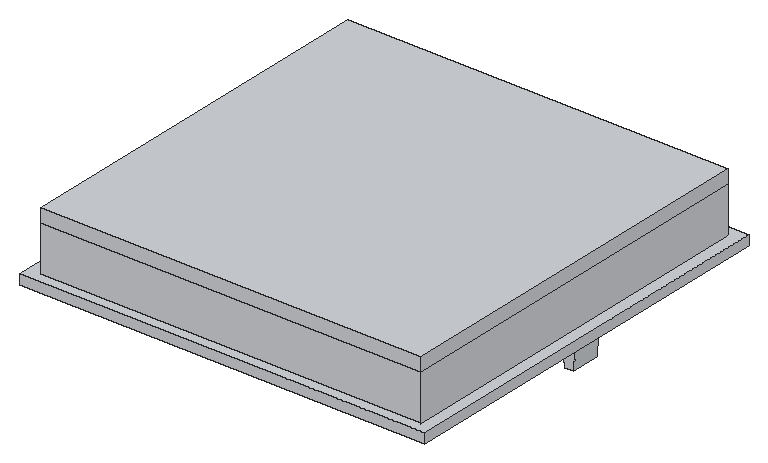
Revit family "Gira_029465", category Electrical Fixtures, host Face, Revit 2017
Family settings
  Host = Face
  Maintain Annotation Orientation = No
  Round Connector Dimension = Use Diameter
  Part Type = Normal
  Cut with Voids When Loaded = No
  Shared = No
  Room Calculation Point = No
Parameters (values of type "Rocker 2-g arrow sym. Gira TX_44 (WP FM) c.alum.")
  With exchangeable lens/symbol = "No"
  URL = "http://katalog.gira.de/en/datenblatt.html?artikelnr=029465"
  Suitable for touch sensor connector for bus system = "No"
  Scannable symbol / barrier free = "No"
  Name = "Rocker 2-g arrow sym. Gira TX_44 (WP FM) c.alum."
  Monitoring window/light outlet = "No"
  Model = "Two-part rocker"
  Manufacturer URL = "https://www.gira.de/"
  Manufacturer = "Gira"
  Keynote = ""
  HeinzeBIM = "https://bimportal.heinze.de/bim/rocker-2-g-arrow-sym-gira-tx-44-wp-fm-c-alum-/eba78bb826779a96ae4756e12260c29aaa245f07"
  HAN = "029465"
  GTIN = "4010337294658"
  Description = "Rock.2g arrow sym. TX_44 CAl,Rocker, 2-gang with arrow symbol,,colour aluminium,"
  Default Elevation = 1219.2 mm
  Data sheet (1) = "https://katalog.gira.de/en/download.html?artikelnr=029465"
  Category = "Control element/cover plate for domestic switching devices"
  BIM (1) = "https://media.stage.bim.site/public/gira/36a6b08/TX44_Abdeckung_Schalten und Tasten.rfa?public/gira/36a6b08/TX44_Abdeckung_Schalten und Tasten.rfa"
  Available = "No"
Reference planes
  plane 1 "Center (Front/Back)": y = 0
  plane 2: z = 0
  plane 3 "Center (Left/Right)": x = 0
Forms (mm)
  Extrusion 1, solid, detail levels fine
    sketch origin (0, 0, 0) x (1, 0, 0) y (0, 1, 0)
      loop
        line (34.85, 34.85) -> (-34.85, 34.85) -> (-34.85, -34.85) -> (34.85, -34.85) -> (34.85, 34.85)
      loop
        line (-31.45, 31.8) -> (-31.45, -31.8) -> (31.45, -31.8) -> (31.45, 31.8) -> (-31.45, 31.8)
    from 0 to 1.7
  Extrusion 2, solid, detail levels fine
    sketch origin (0, 0, 0) x (1, 0, 0) y (0, 1, 0)
      loop
        line (32.8, 33.05) -> (-32.8, 33.05) -> (-32.8, -33.05) -> (32.8, -33.05) -> (32.8, 33.05)
      loop
        line (-31.45, 31.8) -> (-31.45, -31.8) -> (31.45, -31.8) -> (31.45, 31.8) -> (-31.45, 31.8)
    from 1.566 to 9.515
  Extrusion 3, solid, detail levels fine
    sketch origin (0, 0, 0) x (1, 0, 0) y (0, 1, 0)
      loop
        line (32.8, 33.05) -> (-32.8, 33.05) -> (-32.8, -33.05) -> (32.8, -33.05) -> (32.8, 33.05)
    from 9.515 to 11.816
  Extrusion 4, solid, detail levels fine
    sketch origin (0, 0, 0) x (1, 0, 0) y (0, 0, 1)
      loop
        line (-32.815, 0) -> (-34.827, 0) -> (-34.611, -3.084) -> (-33.031, -3.084) -> (-32.815, 0)
      loop
        line (32.815, 0) -> (33.031, -3.084) -> (34.611, -3.084) -> (34.827, 0) -> (32.815, 0)
    from -2.513 to 2.5
  Extrusion 5, solid, detail levels fine
    sketch origin (0, 0, 0) x (1, 0, 0) y (0, 1, 0)
      loop
        spline (-23.686, 23.152) -> (-23.856, 23.114) -> (-24.022, 23.062) -> (-24.184, 22.995) -> (-24.338, 22.915) -> (-24.486, 22.821) -> (-24.624, 22.715) -> (-24.753, 22.597) -> (-24.87, 22.468) -> (-24.977, 22.33) -> (-25.07, 22.183) -> (-25.151, 22.028) -> (-25.218, 21.867)
        line (-25.218, 21.867) -> (-29.35, 10.513) -> (-29.35, -10.487) -> (-25.218, -21.841)
        spline (-25.218, -21.841) -> (-25.151, -22.002) -> (-25.07, -22.156) -> (-24.977, -22.304) -> (-24.87, -22.442) -> (-24.753, -22.571) -> (-24.624, -22.688) -> (-24.486, -22.795) -> (-24.338, -22.888) -> (-24.184, -22.969) -> (-24.022, -23.036) -> (-23.856, -23.088) -> (-23.686, -23.126)
        line (-23.686, -23.126) -> (0, -27.302) -> (23.686, -23.126)
        spline (23.686, -23.126) -> (23.856, -23.088) -> (24.022, -23.036) -> (24.184, -22.969) -> (24.338, -22.888) -> (24.486, -22.795) -> (24.624, -22.688) -> (24.753, -22.571) -> (24.87, -22.442) -> (24.977, -22.304) -> (25.07, -22.156) -> (25.151, -22.002) -> (25.218, -21.841)
        line (25.218, -21.841) -> (29.35, -10.487) -> (29.35, 10.513) -> (25.218, 21.867)
        spline (25.218, 21.867) -> (25.151, 22.028) -> (25.07, 22.183) -> (24.977, 22.33) -> (24.87, 22.468) -> (24.753, 22.597) -> (24.624, 22.715) -> (24.486, 22.821) -> (24.338, 22.915) -> (24.184, 22.995) -> (24.022, 23.062) -> (23.856, 23.114) -> (23.686, 23.152)
        line (23.686, 23.152) -> (0, 27.328) -> (-23.686, 23.152)
      loop
        line (-24.278, 21.525) -> (-28.35, 10.337) -> (-28.35, -10.311) -> (-24.278, -21.498)
        spline (-24.278, -21.498) -> (-24.245, -21.579) -> (-24.204, -21.656) -> (-24.157, -21.73) -> (-24.104, -21.799) -> (-24.045, -21.863) -> (-23.981, -21.922) -> (-23.912, -21.976) -> (-23.838, -22.022) -> (-23.761, -22.063) -> (-23.68, -22.096) -> (-23.597, -22.122) -> (-23.512, -22.141)
        line (-23.512, -22.141) -> (0, -26.287) -> (23.512, -22.141)
        spline (23.512, -22.141) -> (23.597, -22.122) -> (23.68, -22.096) -> (23.761, -22.063) -> (23.838, -22.022) -> (23.912, -21.976) -> (23.981, -21.922) -> (24.045, -21.863) -> (24.104, -21.799) -> (24.157, -21.73) -> (24.204, -21.656) -> (24.245, -21.579) -> (24.278, -21.498)
        line (24.278, -21.498) -> (28.35, -10.311) -> (28.35, 10.337) -> (24.278, 21.525)
        spline (24.278, 21.525) -> (24.245, 21.605) -> (24.204, 21.683) -> (24.157, 21.756) -> (24.104, 21.825) -> (24.045, 21.89) -> (23.981, 21.949) -> (23.912, 22.002) -> (23.838, 22.048) -> (23.761, 22.089) -> (23.68, 22.122) -> (23.597, 22.148) -> (23.512, 22.167)
        line (23.512, 22.167) -> (0, 26.313) -> (-23.512, 22.167)
        spline (-23.512, 22.167) -> (-23.597, 22.148) -> (-23.68, 22.122) -> (-23.761, 22.089) -> (-23.838, 22.048) -> (-23.912, 22.002) -> (-23.981, 21.949) -> (-24.045, 21.89) -> (-24.104, 21.825) -> (-24.157, 21.756) -> (-24.204, 21.683) -> (-24.245, 21.605) -> (-24.278, 21.525)
    from 4.866 to 9.515
  Extrusion 6, solid, detail levels fine
    sketch origin (0, 0, 0) x (1, 0, 0) y (0, 1, 0)
      loop
        arc (0, 8.51) -> (-1.055, 8.223) -> (-1.717, 7.352) r 1.7
        line (-1.717, 7.352) -> (-2.205, 5.894) -> (-2.205, 4.213) -> (-4.36, 4.213)
        arc (-4.36, 4.213) -> (-4.865, 4.091) -> (-5.257, 3.75) r 1.1
        arc (-5.257, 3.75) -> (-6.02, 2.328) -> (-6.406, 0.761) r 6.45
        arc (-6.406, 0.761) -> (-6.7, 0.013) -> (-6.406, -0.735) r 1.1
        arc (-6.406, -0.735) -> (-6.02, -2.302) -> (-5.257, -3.724) r 6.45
        arc (-5.257, -3.724) -> (-4.865, -4.064) -> (-4.36, -4.187) r 1.1
        line (-4.36, -4.187) -> (-2.1, -4.187) -> (-2.1, -5.243)
        arc (-2.1, -5.243) -> (-1.847, -5.944) -> (-1.206, -6.323) r 1.1
        arc (-1.206, -6.323) -> (0, -6.437) -> (1.206, -6.323) r 6.45
        arc (1.206, -6.323) -> (1.847, -5.944) -> (2.1, -5.243) r 1.1
        line (2.1, -5.243) -> (2.1, -4.187) -> (4.36, -4.187)
        arc (4.36, -4.187) -> (4.865, -4.064) -> (5.257, -3.724) r 1.1
        arc (5.257, -3.724) -> (6.02, -2.302) -> (6.406, -0.735) r 6.45
        arc (6.406, -0.735) -> (6.7, 0.013) -> (6.406, 0.761) r 1.1
        arc (6.406, 0.761) -> (6.02, 2.328) -> (5.257, 3.75) r 6.45
        arc (5.257, 3.75) -> (4.865, 4.091) -> (4.36, 4.213) r 1.1
        line (4.36, 4.213) -> (2.205, 4.213) -> (2.205, 5.894) -> (1.717, 7.352)
        arc (1.717, 7.352) -> (1.055, 8.223) -> (0, 8.51) r 1.7
    from -6.834 to 9.515
  Extrusion 7, solid, detail levels coarse
    sketch origin (0, 0, 0) x (1, 0, 0) y (0, 1, 0)
      loop
        line (34.85, 34.85) -> (-34.85, 34.85) -> (-34.85, -34.85) -> (34.85, -34.85) -> (34.85, 34.85)
    from -6.834 to 11.816
  Extrusion 8, solid, detail levels medium
    sketch origin (0, 0, 0) x (1, 0, 0) y (0, 1, 0)
      loop
        line (32.8, 33.05) -> (-32.8, 33.05) -> (-32.8, -33.05) -> (32.8, -33.05) -> (32.8, 33.05)
    from 1.566 to 11.816
  Extrusion 9, solid, detail levels medium
    sketch origin (0, 0, 0) x (1, 0, 0) y (0, 1, 0)
      loop
        line (34.85, 34.85) -> (-34.85, 34.85) -> (-34.85, -34.85) -> (34.85, -34.85) -> (34.85, 34.85)
    from 0 to 1.7
  Extrusion 10, solid, detail levels medium
    sketch origin (0, 0, 0) x (1, 0, 0) y (0, 1, 0)
      loop
        circle (0, 1.036) r 7.473
    from -6.834 to 9.515
  Extrusion 11, solid, detail levels medium
    sketch origin (0, 0, 0) x (1, 0, 0) y (0, 0, 1)
      loop
        line (-32.815, -3.084) -> (-32.815, 0) -> (-34.827, 0) -> (-34.827, -3.084) -> (-32.815, -3.084)
      loop
        line (32.815, -3.084) -> (34.827, -3.084) -> (34.827, 0) -> (32.815, 0) -> (32.815, -3.084)
    from -2.513 to 2.5
Dimensions and locks
  aligned and locked: plane 2 to host face
  aligned and locked: level to host face
